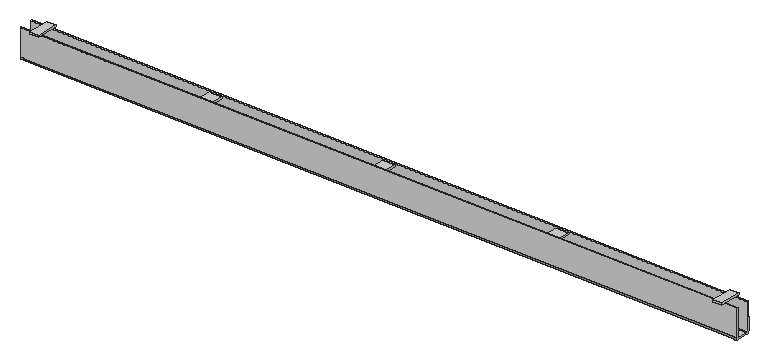
Revit family "LGW_COMPENSATION TUBE LGW 2,4_1923253", category Generic Models, Revit 2018
Family settings
  Can host rebar = No
  Round Connector Dimension = Use Diameter
  Part Type = Normal
  OmniClass Number = 35.51.14.00
  OmniClass Title = FORMWORK
  Work Plane-Based = Yes
  Always vertical = No
  Cut with Voids When Loaded = No
  Shared = Yes
  Room Calculation Point = No
Parameters
  VERSION = "20190101"  # constant formula
  URL = "www.ulmaconstruction.com/en"
  UNICLASS = ""
  ITEM_CODE = "1923253"
  Manufacturer = "ULMA CONSTRUCTION"  # constant formula
  FILTER [instance] = ""
  Default Elevation = 0.000 mm
  CLASSIFICATION_TITLE = ""
  CLASSIFICATION_NUMBER = ""
Reference planes
  plane 1 "Centro (Frontal/Posterior)": y = 0
  plane 2: z = 0
  plane 3 "Centro (Izquierda/Derecha)": x = 0
  plane 4 "ITEM_HEIGHT": x = 2400
  plane 5 "MIDDLE": y = -25
  plane 6 "HOLE 1": x = 550
  plane 7 "HOLE 2": x = 1850
Forms (mm)
  Extrusion 1, solid, material "ULMA ZINC"
    sketch origin (0, 0, 0) x (0, 1, 0) y (0, 0, 1)
      loop
        line (-50, 0) -> (-50, -90.5)
        arc (-50, -90.5) -> (-48.243, -94.743) -> (-44, -96.5) r 6
        line (-44, -96.5) -> (-6, -96.5)
        arc (-6, -96.5) -> (-1.757, -94.743) -> (0, -90.5) r 6
        line (0, -90.5) -> (0, 0) -> (-4, 0) -> (-4, -90.5)
        arc (-4, -90.5) -> (-4.586, -91.914) -> (-6, -92.5) r 2
        line (-6, -92.5) -> (-44, -92.5)
        arc (-44, -92.5) -> (-45.414, -91.914) -> (-46, -90.5) r 2
        line (-46, -90.5) -> (-46, 0) -> (-50, 0)
    from 0 to 2400
  Extrusion 2, solid, material "ULMA ZINC"
    sketch origin (0, 0, 0) x (0, 1, 0) y (0, 0, 1)
      loop
        line (-60, 0) -> (10, 0) -> (10, 5) -> (-60, 5) -> (-60, 0)
    from 40 to 70
  Extrusion 3, solid, material "ULMA ZINC", detail levels fine
    sketch origin (0, 0, 0) x (0, 1, 0) y (0, 0, 1)
      loop
        line (-46, -9) -> (-4, -9) -> (-4, -4) -> (-46, -4) -> (-46, -9)
    from 600 to 640
  Extrusion 4, solid, material "ULMA ZINC"
    sketch origin (760, 0, 0) x (0, 1, 0) y (0, 0, 1)
      loop
        line (-60, 0) -> (10, 0) -> (10, 5) -> (-60, 5) -> (-60, 0)
    from 1570 to 1600
  Extrusion 5, solid, material "ULMA ZINC", detail levels fine
    sketch origin (375, 0, 0) x (0, 1, 0) y (0, 0, 1)
      loop
        line (-46, -9) -> (-4, -9) -> (-4, -4) -> (-46, -4) -> (-46, -9)
    from 805 to 845
  Extrusion 6, solid, material "ULMA ZINC", detail levels fine
    sketch origin (1835, 0, 0) x (0, 1, 0) y (0, 0, 1)
      loop
        line (-46, -9) -> (-4, -9) -> (-4, -4) -> (-46, -4) -> (-46, -9)
    from -75 to -35
Lines and regions (mm)
  model lines, style "ULMA PANELS", detail levels fine
    curve 1: circle (550, -25, -96.5) r 12.5 normal (0, 0, 1)
    curve 2: circle (1850, -25, -96.5) r 12.5 normal (0, 0, 1)
    curve 3: circle (550, -25, -92.5) r 12.5 normal (0, 0, 1)
    curve 4: circle (1850, -25, -92.5) r 12.5 normal (0, 0, 1)
Dimensions and locks
  locked: plane 3 "Centro (Izquierda/Derecha)" to plane 4 "ITEM_HEIGHT" at 2400
  aligned and locked: level to plane 2
  aligned and locked: plane 4 "ITEM_HEIGHT" to Extrusion 1
